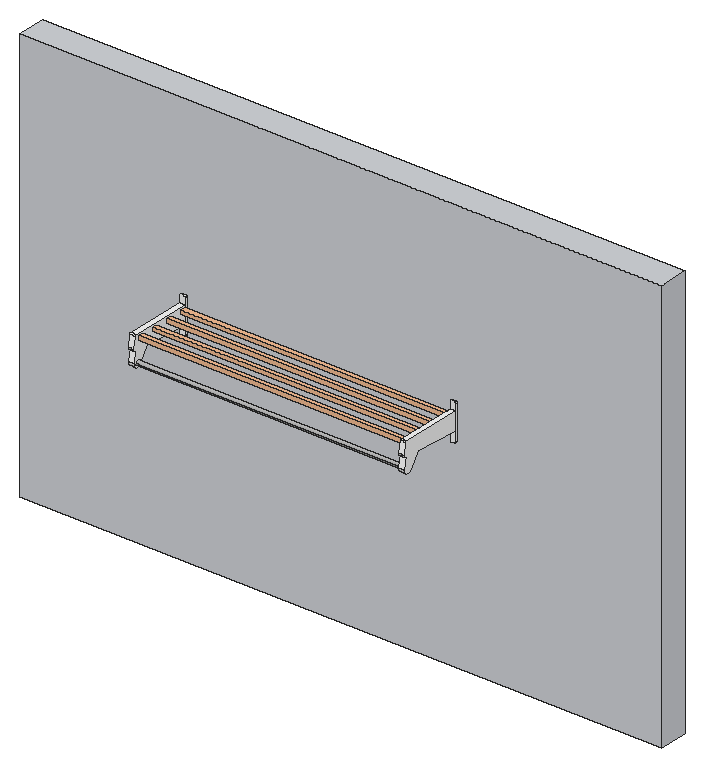
Revit family "REVIT-MG-1031-DS-Series-", category Furniture, Revit 2016
Family settings
  OmniClass Number = 23.40.20.00
  OmniClass Title = General Furniture and Specialties
  Work Plane-Based = No
  Always vertical = Yes
  Cut with Voids When Loaded = No
  Shared = No
  Room Calculation Point = No
Parameters (values of type "MG-1031")
  URL = "www.magnusongroup.com"
  Type Comments = "Waiting Rooms"  # constant formula
  Salvage or Reuse = yes
  Percentage of Recycled Content = 0
  Model = "MG-1031"
  Manufacturer = "Magnuson Group"  # constant formula
  Low Emitting Material = yes
  Low Emitting Finish = yes
  Revit File Built By = "https://servex-us.com/servex-revit/"
  Description = "DS Series Wall Mounted Coat Rack"
Reference planes (in)
  plane 1 "Center Front/Back": y = 0
  plane 2: z = 0
  plane 3 "Center Left/Right": x = 0
Forms (in)
  Extrusion 1, solid
    sketch origin (0, 0, 0) x (1, 0, 0) y (0, 1, 0)
      loop
        line (-21.59378, 0) -> (89.89835, 0) -> (89.89835, 5) -> (-21.59378, 5) -> (-21.59378, 0)
    from 0 to 72
Dimensions and locks (in)
  aligned and locked: level to plane 2
  aligned and locked: plane 1 "Center Front/Back" to Extrusion 1
Nested families (in)
  nested 1: "Magnuson-DS-Wall-Coat_Rack" at (30.38821, 0, 35.00409) x (1, 0, 0) z (0, -1, 0), type "3D-DS-4H"
Definition of nested family "Magnuson-DS-Wall-Coat_Rack"
  Parameters (values of type "3D-DS-2H")
    Width = 24"
    URL = "www.magnusongroup.com"
    Type Comments = "DS Rack"  # constant formula
    Support Qty = 2
    Bracket Finish = none
    Salvage or Reuse = yes
    Percentage of Recycled Content = 0
    Model = "3D-DS-2H"
    Manufacturer = "Magnuson Group"  # constant formula
    Low Emitting Material = yes
    Low Emitting Finish = yes
    Keynote = "12500"
    Hanger Rod Finish = none
    Shelf Tubes Finish = none
    Description = "24\"W Wall Mounted Rack"
    Default Elevation = 48"
    Assembly Code = "E2020200"
  Types (6): name | Width | Support Qty | Model | Description
    (no name) | 24" | 2 | "3D-DS-2H" | "24\"W Wall Mounted Rack"
    3D-DS-2H | 24" | 2 | "3D-DS-2H" | "24\"W Wall Mounted Rack"
    3D-DS-3H | 36" | 2 | "3D-DS-3H" | "36\"W Wall Mounted Rack"
    3D-DS-4H | 48" | 2 | "3D-DS-4H" | "48\"W Wall Mounted Rack"
    3D-DS-5H | 60" | 3 | "3D-DS-4H" | "60\"W Wall Mounted Rack"
    3D-DS-6H | 72" | 3 | "3D-DS-6H" | "72\"W Wall Mounted Rack"
  Reference planes (in)
    plane 1 "Center (Front/Back)": y = 0
    plane 2: z = 0
    plane 3 "Center (Left/Right)": x = 0
    plane 4: x = -12
    plane 5: x = 12
    plane 6: x = -11
    plane 7: x = 11
  Forms (in)
    Extrusion 1, solid
      sketch origin (0, 0, 0) x (1, 0, 0) y (0, 1, 0)
        loop
          line (-48, 23.18286) -> (-48, -6.14538) -> (48, -6.14538) -> (48, 23.18286) -> (-48, 23.18286)
      from 0 to -12
    Extrusion 2, solid, material <- "Shelf Tubes Finish"
      sketch origin (103.8506, -59.05276, 21.38859) x (0, 0, -1) y (0, 1, 0)
        loop
          line (20.69164, 63.98562) -> (19.87365, 63.98562) -> (19.87365, 63.23562) -> (20.69164, 63.23562) -> (20.69164, 63.98562)
        loop
          line (17.60663, 63.98562) -> (16.85663, 63.98562) -> (16.85663, 63.23562) -> (17.60663, 63.23562) -> (17.60663, 63.98562)
        loop
          line (14.58962, 63.98562) -> (13.83961, 63.98562) -> (13.83961, 63.23562) -> (14.58962, 63.23562) -> (14.58962, 63.98562)
        loop
          line (11.57259, 63.98562) -> (10.82259, 63.98562) -> (10.82259, 63.23562) -> (11.57259, 63.23562) -> (11.57259, 63.98562)
      from -114.8506 to -92.8506
    Extrusion 3, solid, material <- "Hanger Rod Finish"
      sketch origin (103.8506, -59.05276, 21.38859) x (0, 0, -1) y (0, 1, 0)
        loop
          circle (10.66093, 59.78494) r 0.39489
      from -114.8506 to -92.8506
  Dimensions and locks (in)
    equal spacing: Extrusion 2 sketch curve, Extrusion 2 sketch curve, Extrusion 2 sketch curve, Extrusion 2 sketch curve
    locked: Extrusion 2 sketch curve to Extrusion 2 sketch curve at 0.75  (x4)
    equal spacing: plane 4, plane 3 "Center (Left/Right)", plane 5
    "Width": plane 4 to plane 5
    group 1 to group 2 = 23"
    group 1 to group 2 = 0"  (x2)
    locked: plane 4 to plane 6 at 1
    locked: plane 5 to plane 7 at 1
    locked: Extrusion 2 sketch curve to Extrusion 2 sketch curve at 0.81798
    locked: Extrusion 2 sketch curve to plane 2 at 0.69695
    locked: Extrusion 2 sketch curve to plane 1 "Center (Front/Back)" at 4.18286
    locked: Extrusion 3 sketch curve to plane 1 "Center (Front/Back)" at 0.73218
    locked: Extrusion 3 sketch curve to plane 2 at 10.72766
    locked: plane 4 to nested 1 at 0.49886
    locked: plane 5 to nested 2 at 0.50114
    aligned and locked: plane 2 to Extrusion 1
    aligned and locked: level to Extrusion 1
    aligned and locked: Extrusion 2 sketch curve to Extrusion 2 sketch curve  (x6)
    aligned and locked: plane 1 "Center (Front/Back)" to nested 1
    aligned and locked: nested 1 to plane 2
    aligned and locked: plane 4 to nested 1
    aligned and locked: plane 6 to Extrusion 2
    aligned and locked: plane 6 to Extrusion 3
    aligned and locked: plane 7 to Extrusion 2
    aligned and locked: plane 7 to Extrusion 3
    aligned and locked: plane 5 to nested 2
    aligned and locked: plane 2 to nested 2
  Automatic sketch dimensions
    Extrusion 1 sketch curve to Extrusion 1 sketch curve = 96"
    Extrusion 1 sketch curve to Extrusion 1 sketch curve = 29.32824"
    Extrusion 2 sketch curve to Extrusion 2 sketch curve = 2.26702"
    radius of Extrusion 3 sketch curve = 0.39489"
  Nested families (in)
    nested 1: "Sup-" at (-11.50114, 0, 0), Bracket <- "Bracket Finish", type "Support"
      with Bracket none
    nested 2: "Sup-" at (11.49886, 0, 0), Bracket <- "Bracket Finish", type "Support"
      with Bracket none
  Definition of nested family "Sup-"
    Parameters (values of type "Support")
      Bracket [instance] = none
    Reference planes (in)
      plane 1 "Center Front/Back": y = 0
      plane 2: z = 0
      plane 3 "Center Left/Right": x = 0
    Forms (in)
      Extrusion 1, solid, material <- "Bracket"
        sketch origin (29.50114, -59.12185, 21.38859) x (0, 0, -1) y (0, 1, 0)
          loop
            line (21.13859, 64.24033) -> (10.49312, 64.24033)
            arc (10.49312, 64.24033) -> (10.36553, 64.19431) -> (10.29669, 64.07744) r 0.19989
            line (10.29669, 64.07744) -> (9.92989, 62.13033)
            arc (9.92989, 62.13033) -> (9.96769, 61.97165) -> (10.11108, 61.8939) r 0.2
            line (10.11108, 61.8939) -> (10.39539, 61.87199) -> (10.01377, 59.84607)
            arc (10.01377, 59.84607) -> (10.44238, 59.17274) -> (11.20049, 59.42241) r 0.65004
            line (11.20049, 59.42241) -> (12.72575, 61.69248) -> (21.13859, 61.0444) -> (21.13859, 64.24033)
        from -30 to -29
      Extrusion 2, solid, material <- "Bracket"
        sketch origin (29.50114, -59.12185, 21.38859) x (1, 0, 0) y (0, 1, 0)
          loop
            line (-30, 65.32614) -> (-30, 59.42246)
            arc (-30, 59.42246) -> (-29.91257, 59.21051) -> (-29.70114, 59.12185) r 0.30061
            line (-29.70114, 59.12185) -> (-29.30114, 59.12185)
            arc (-29.30114, 59.12185) -> (-29.08839, 59.20986) -> (-29, 59.42246) r 0.30114
            line (-29, 59.42246) -> (-29, 65.32614)
            arc (-29, 65.32614) -> (-29.08993, 65.53551) -> (-29.30082, 65.62179) r 0.30087
            line (-29.30082, 65.62179) -> (-29.70146, 65.62179)
            arc (-29.70146, 65.62179) -> (-29.91154, 65.53537) -> (-30, 65.32614) r 0.29855
        from -21.38859 to -21.13859
    Lines and regions (in)
      symbolic lines
        curve 1: line (-0.49886, 6.49994, 0) -> (0.50114, 6.49994, 0)
        curve 2: line (-0.49886, 0, 0) -> (-0.49886, 6.49994, 0)
        curve 3: line (0.50114, 0, 0) -> (-0.49886, 0, 0)
        curve 4: line (0.50114, 6.49994, 0) -> (0.50114, 0, 0)
    Dimensions and locks (in)
      Extrusion 1 sketch curve to Extrusion 1 sketch curve to Extrusion 1 sketch curve to Extrusion 1 sketch curve = 0.40083" locked, 0.64808" locked, 1.25946" locked
      aligned and locked: level to plane 2
      aligned and locked: Extrusion 1 to Extrusion 2
      aligned and locked: curve 1 to Extrusion 2
      aligned and locked: curve 3 to plane 1 "Center Front/Back"
